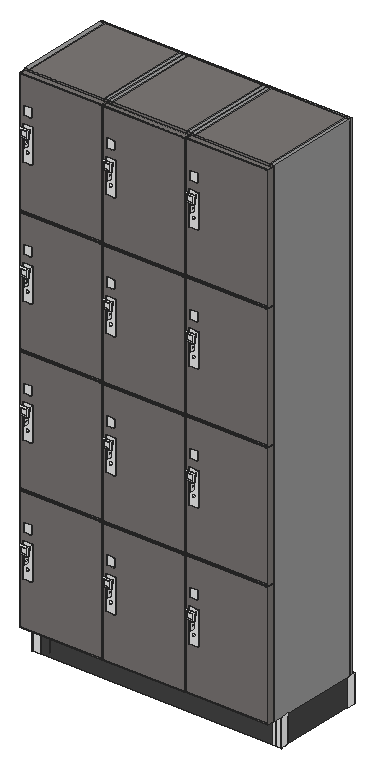
Revit family "Wood_Lockers_Hasps-Salsbury_Industries-44000_Series-3_Wide_Units.rfa", category Specialty Equipment, Revit 2016 (continued)
Definition of nested family "Premier Locker Doors_Hasp"
  Lines and regions (in)
    symbolic lines
      curve 20: line (-4.8125, 0.625, 69) -> (-4.8125, 0.625, 68.5)
      curve 21: line (-4.8125, 0.625, 68.5) -> (-4.8125, 0.375, 68.5)
      curve 22: line (-4.8125, 0.375, 3.25) -> (-4.8125, 0.625, 3.25)
      curve 23: line (-4.8125, 0.625, 3.25) -> (-4.8125, 0.625, 2.75)
      curve 24: line (-4.8125, 0.625, 2.75) -> (-4.8125, 0.375, 2.75)
      curve 25: line (-4.8125, 0.375, 36.125) -> (-4.8125, 0.625, 36.125)
      curve 26: line (-4.8125, 0.625, 36.125) -> (-4.8125, 0.625, 35.625)
      curve 27: line (-4.8125, 0.625, 35.625) -> (-4.8125, 0.375, 35.625)
      curve 28: line (-5.5625, -0.375, 71.625) -> (-4.0625, -0.375, 71.625)
      curve 29: line (-5.4375, -1.125, 38.3125) -> (-4.1875, -1.125, 38.3125)
      curve 30: arc (-4.0625, -1.125, 38.1875) -> (-4.09911, -1.125, 38.27589) -> (-4.1875, -1.125, 38.3125) r 0.125
      curve 31: arc (-5.4375, -1.125, 38.3125) -> (-5.52589, -1.125, 38.27589) -> (-5.5625, -1.125, 38.1875) r 0.125
      curve 32: line (-5.5625, -1.125, 33.5625) -> (-5.5625, -1.125, 38.1875)
      curve 33: line (-4.0625, -1.125, 38.1875) -> (-4.0625, -1.125, 33.5625)
      curve 34: arc (-4.1875, -1.125, 33.4375) -> (-4.09911, -1.125, 33.47411) -> (-4.0625, -1.125, 33.5625) r 0.125
      curve 35: arc (-5.5625, -1.125, 33.5625) -> (-5.52589, -1.125, 33.47411) -> (-5.4375, -1.125, 33.4375) r 0.125
      curve 36: line (-4.1875, -1.125, 33.4375) -> (-5.4375, -1.125, 33.4375)
      curve 37: arc (-4.6245, -1.125, 36.6245) -> (-4.8125, -1.125, 36.8125) -> (-5.0005, -1.125, 36.6245) r 0.188
      curve 38: arc (-5.0005, -1.125, 35.7505) -> (-4.8125, -1.125, 35.5625) -> (-4.6245, -1.125, 35.7505) r 0.188
      curve 39: line (-4.6245, -1.125, 36.6245) -> (-4.6245, -1.125, 35.7505)
      curve 40: line (-5.0005, -1.125, 35.7505) -> (-5.0005, -1.125, 36.6245)
      curve 41: line (-4.1875, -1.125, 36.9375) -> (-5.4375, -1.125, 36.9375)
      curve 42: line (-4.1875, -1.125, 38.1875) -> (-4.1875, -1.125, 36.9375)
      curve 43: line (-5.4375, -1.125, 36.9375) -> (-5.4375, -1.125, 38.1875)
      curve 44: line (-5.4375, -1.125, 38.1875) -> (-4.1875, -1.125, 38.1875)
      curve 45: line (-4.8755, -1.125, 36.6844) -> (-4.7495, -1.125, 36.6844)
      curve 46: line (-4.7495, -1.125, 36.6844) -> (-4.7495, -1.125, 35.6844)
      curve 47: line (-4.8755, -1.125, 35.6844) -> (-4.8755, -1.125, 36.6844)
      curve 48: line (-4.7495, -1.125, 35.6844) -> (-4.8755, -1.125, 35.6844)
      curve 49: line (-4.8125, -1, 36.6844) -> (-4.8125, -0.375, 36.6844)
      curve 50: line (-4.8125, -1, 35.6844) -> (-4.8125, -1, 36.6844)
      curve 51: line (-4.8125, -0.375, 35.6844) -> (-4.8125, -1, 35.6844)
      curve 52: arc (-4.8125, -0.91637, 36.1844) -> (-4.8125, -0.66637, 36.4344) -> (-4.8125, -0.41637, 36.1844) r 0.25
      curve 53: arc (-4.8125, -0.41637, 36.1844) -> (-4.8125, -0.66637, 35.9344) -> (-4.8125, -0.91637, 36.1844) r 0.25
      curve 54: line (-4.8125, -0.375, 37.31817) -> (-4.8125, -0.61642, 37.31817)
      curve 55: arc (-4.8125, -0.77297, 37.19215) -> (-4.8125, -0.71691, 37.28275) -> (-4.8125, -0.61642, 37.31817) r 0.16024
      curve 56: arc (-4.8125, -0.97289, 36.9375) -> (-4.8125, -0.84441, 37.04244) -> (-4.8125, -0.77297, 37.19215) r 0.37946
      curve 57: spline (-4.8125, -1.121, 37.15954) -> (-4.8125, -1.11621, 37.12873) -> (-4.8125, -1.10963, 37.09911) -> (-4.8125, -1.10135, 37.07107) -> (-4.8125, -1.09147, 37.04495) -> (-4.8125, -1.0801, 37.02108) -> (-4.8125, -1.0674, 36.99975) -> (-4.8125, -1.05352, 36.98123) -> (-4.8125, -1.03864, 36.96575) -> (-4.8125, -1.02293, 36.95351) -> (-4.8125, -1.0066, 36.94465) -> (-4.8125, -0.98985, 36.93929) -> (-4.8125, -0.97289, 36.9375)
      curve 58: line (-4.8125, -1.125, 37.15954) -> (-4.8125, -1.125, 37.96546)
      curve 59: spline (-4.8125, -1.121, 37.96546) -> (-4.8125, -1.11621, 37.99627) -> (-4.8125, -1.10963, 38.02589) -> (-4.8125, -1.10135, 38.05393) -> (-4.8125, -1.09147, 38.08005) -> (-4.8125, -1.0801, 38.10392) -> (-4.8125, -1.0674, 38.12525) -> (-4.8125, -1.05352, 38.14377) -> (-4.8125, -1.03864, 38.15925) -> (-4.8125, -1.02293, 38.17149) -> (-4.8125, -1.0066, 38.18035) -> (-4.8125, -0.98985, 38.18571) -> (-4.8125, -0.97289, 38.1875)
      curve 60: arc (-4.8125, -0.97289, 38.1875) -> (-4.8125, -0.84441, 38.08256) -> (-4.8125, -0.77297, 37.93285) r 0.37946
      curve 61: arc (-4.8125, -0.77297, 37.93285) -> (-4.8125, -0.71691, 37.84225) -> (-4.8125, -0.61642, 37.80683) r 0.16024
      curve 62: line (-4.8125, -0.61642, 37.80683) -> (-4.8125, -0.375, 37.80683)
      curve 63: line (-5.05683, -0.61642, 71.625) -> (-5.05683, -0.375, 71.625)
      curve 64: arc (-5.18285, -0.77297, 71.625) -> (-5.09225, -0.71691, 71.625) -> (-5.05683, -0.61642, 71.625) r 0.16024
      curve 65: arc (-5.4375, -0.97289, 71.625) -> (-5.33256, -0.84441, 71.625) -> (-5.18285, -0.77297, 71.625) r 0.37946
      curve 66: line (-4.40954, -1.125, 71.625) -> (-5.21546, -1.125, 71.625)
      curve 67: spline (-4.40954, -1.121, 71.625) -> (-4.37873, -1.11621, 71.625) -> (-4.34911, -1.10963, 71.625) -> (-4.32107, -1.10135, 71.625) -> (-4.29495, -1.09147, 71.625) -> (-4.27108, -1.0801, 71.625) -> (-4.24975, -1.0674, 71.625) -> (-4.23123, -1.05352, 71.625) -> (-4.21575, -1.03864, 71.625) -> (-4.20351, -1.02293, 71.625) -> (-4.19465, -1.0066, 71.625) -> (-4.18929, -0.98985, 71.625) -> (-4.1875, -0.97289, 71.625)
      curve 68: arc (-4.1875, -0.97289, 71.625) -> (-4.29244, -0.84441, 71.625) -> (-4.44215, -0.77297, 71.625) r 0.37946
      curve 69: arc (-4.44215, -0.77297, 71.625) -> (-4.53275, -0.71691, 71.625) -> (-4.56817, -0.61642, 71.625) r 0.16024
      curve 70: line (-4.56817, -0.375, 71.625) -> (-4.56817, -0.61642, 71.625)
      curve 71: spline (-5.21546, -1.121, 71.625) -> (-5.24627, -1.11621, 71.625) -> (-5.27589, -1.10963, 71.625) -> (-5.30393, -1.10135, 71.625) -> (-5.33005, -1.09147, 71.625) -> (-5.35392, -1.0801, 71.625) -> (-5.37525, -1.0674, 71.625) -> (-5.39377, -1.05352, 71.625) -> (-5.40925, -1.03864, 71.625) -> (-5.42149, -1.02293, 71.625) -> (-5.43035, -1.0066, 71.625) -> (-5.43571, -0.98985, 71.625) -> (-5.4375, -0.97289, 71.625)
    reference lines
      curve 72: line (-5.9375, 0, 71.75) -> (5.3435, 0, 71.75)
      curve 73: line (5.3435, 0, 71.75) -> (-5.9375, 0, 71.75)
  Dimensions and locks (in)
    equal spacing: plane 4 "Left Side of Door", plane 3 "Center (Left/Right)", plane 5 "Right Side of Door"
    "Width": plane 4 "Left Side of Door" to plane 5 "Right Side of Door"
    equal spacing: plane 7 "Front of Door", plane 1 "Center (Front/Back)", plane 6 "Back of Door"
    "Depth": plane 7 "Front of Door" to plane 6 "Back of Door"
    equal spacing: plane 9 "Top of Door", plane 10 "Center of Door", plane 8 "Bottom of Door"
    "Height": plane 9 "Top of Door" to plane 8 "Bottom of Door"
    equal spacing: plane 11 "Top of Number Tag", plane 16 "Center of Number Tag", plane 12 "Bottom of Number Tag"
    "Number Tag Height": plane 11 "Top of Number Tag" to plane 12 "Bottom of Number Tag"
    equal spacing: plane 14 "Right Side of Number Tag", plane 15 "Horizontal Center of Number Tag", plane 13 "Left Side of Number Tag"
    "Number Tag Width": plane 14 "Right Side of Number Tag" to plane 13 "Left Side of Number Tag"
    "Number Tag-Horizontal Offset": plane 15 "Horizontal Center of Number Tag" to plane 5 "Right Side of Door"
    "Number Tag-Vertical Offset": plane 9 "Top of Door" to plane 16 "Center of Number Tag"
    "Lock Horizontal Offset": plane 4 "Left Side of Door" to plane 17 "Left Side of Lock"
    equal spacing: plane 20 "Top of Lock", plane 19 "Lock Vertical Center", plane 21 "Bottom of Lock"
    "Lock Height": plane 20 "Top of Lock" to plane 21 "Bottom of Lock"
    "Lock Vertical Offset": plane 9 "Top of Door" to plane 19 "Lock Vertical Center"
    plane 22 "Front of Hasp Stud" to plane 7 "Front of Door" = 0.125"
    locked: plane 24 "Right Side of Door-Left Side of Trim" to plane 5 "Right Side of Door" at 0.125
    locked: plane 4 "Left Side of Door" to plane 23 "Left Side of Door-Right Side of Trim" at 0.125
    locked: plane 9 "Top of Door" to plane 25 "Top of Door-Bottom of Trim" at 0.125
    plane 26 "Bottom of Door-Top of Trim" to plane 8 "Bottom of Door" = 0.125"
    plane 28 "Melamine-Particleboard Line" to plane 6 "Back of Door" = 0.031"
    plane 7 "Front of Door" to plane 27 "Laminate-Particleboard Line" = 0.031"
    plane 27 "Laminate-Particleboard Line" to plane 29 "Back of Number Plate Inset" = 0.031"
    equal spacing: plane 18 "Right Side of Lock", plane 30 "Center of Lock", plane 17 "Left Side of Lock", locked at 0.75 each
    "Lock Width": plane 18 "Right Side of Lock" to plane 17 "Left Side of Lock"
    plane 22 "Front of Hasp Stud" to plane 31 = 0.312"
    plane 6 "Back of Door" to plane 32 "Door Stopper Plane" = 0.250"
    locked: plane 23 "Left Side of Door-Right Side of Trim" to plane 33 at 0.325
    locked: plane 25 "Top of Door-Bottom of Trim" to plane 34 at 0.325
    locked: plane 9 "Top of Door" to plane 35 "Top Hinge" at 3
    plane 36 to plane 5 "Right Side of Door" = 0.625"
    plane 6 "Back of Door" to plane 28 "Melamine-Particleboard Line" = 0.031"
    plane 9 "Top of Door" to plane 25 "Top of Door-Bottom of Trim" = 0.125"
    plane 7 "Front of Door" to plane 38 "Inner Knob" = 0.719"
    locked: plane 38 "Inner Knob" to plane 39 "Front of Knob" at 0.031
    locked: plane 40 to plane 20 "Top of Lock" at 1.125
    locked: plane 21 "Bottom of Lock" to plane 41 at 1.125
    locked: plane 20 "Top of Lock" to plane 42 at 0.125
    locked: plane 18 "Right Side of Lock" to plane 43 at 0.125
    locked: plane 44 to plane 17 "Left Side of Lock" at 0.125
    plane 42 to plane 45 = 1.250"
    locked: plane 45 to plane 46 "Top of Hole" at 0.125
    plane 48 to plane 30 "Center of Lock" to plane 47 = 0.188" locked, 0.188" locked
    locked: plane 46 "Top of Hole" to plane 49 "Bottom of Hole" at 1.25
    plane 49 "Bottom of Hole" to plane 50 "Stud Alignment" = 0.750"
    locked: plane 42 to plane 51 "Center of Handle" at 0.625
    plane 52 to plane 51 "Center of Handle" to plane 53 = 0.188" locked, 0.188" locked
    plane 7 "Front of Door" to plane 39 "Front of Knob" = 0.750"
    locked: plane 42 to plane 54 at 0.22204
    locked: plane 55 to plane 45 at 0.22204
    locked: plane 7 "Front of Door" to plane 56 "Front of Latch" at 0.625
    locked: plane 57 to plane 58 at 1
    locked: plane 46 "Top of Hole" to plane 57 at 0.1281
    equal spacing: plane 58, plane 59, plane 57
    locked: plane 60 to plane 5 "Right Side of Door" at 0.594
    locked: plane 57 to plane 61 at 0.0599
    locked: plane 62 to plane 58 at 0.06376
    plane 12 "Bottom of Number Tag" to plane 20 "Top of Lock" = 1.1875"
    aligned and locked: level to plane 2
    aligned and locked: Extrusion 5 to plane 11 "Top of Number Tag"
    aligned and locked: plane 12 "Bottom of Number Tag" to Extrusion 5
    aligned and locked: Extrusion 5 to plane 14 "Right Side of Number Tag"
    aligned and locked: Extrusion 5 to plane 13 "Left Side of Number Tag"
    aligned and locked: plane 29 "Back of Number Plate Inset" to Extrusion 5
    aligned and locked: plane 7 "Front of Door" to Extrusion 5
    aligned and locked: plane 29 "Back of Number Plate Inset" to Extrusion 6
    aligned and locked: plane 7 "Front of Door" to Extrusion 6
    aligned and locked: Extrusion 6 to plane 14 "Right Side of Number Tag"
    aligned and locked: Extrusion 6 to plane 13 "Left Side of Number Tag"
    aligned and locked: Extrusion 6 to plane 11 "Top of Number Tag"
    aligned and locked: plane 12 "Bottom of Number Tag" to Extrusion 6
    aligned and locked: curve 9 to Extrusion 8
    aligned and locked: curve 10 to Extrusion 8
    aligned and locked: curve 11 to Extrusion 8
    aligned and locked: Extrusion 7 to curve 12
    aligned and locked: curve 14 to Extrusion 7
    aligned and locked: curve 16 to plane 7 "Front of Door"
    aligned and locked: curve 19 to Extrusion 8  (x2)
    aligned and locked: curve 21 to Extrusion 8
    aligned and locked: curve 18 to curve 22
    aligned and locked: curve 22 to Extrusion 9  (x2)
    aligned and locked: curve 24 to Extrusion 9
    aligned and locked: curve 25 to Extrusion 10
    aligned and locked: curve 26 to Extrusion 10
    aligned and locked: curve 27 to Extrusion 10
    aligned and locked: plane 20 "Top of Lock" to Extrusion 11 sketch curve
    aligned and locked: Extrusion 11 sketch curve to plane 21 "Bottom of Lock"
    aligned and locked: Extrusion 11 to plane 29 "Back of Number Plate Inset"
    aligned and locked: plane 7 "Front of Door" to Extrusion 11
    aligned and locked: Extrusion 3 to Extrusion 11
    aligned and locked: plane 50 "Stud Alignment" to Sweep 14  (x2)
    aligned and locked: Extrusion 15 to plane 7 "Front of Door"
    aligned and locked: Extrusion 15 to plane 22 "Front of Hasp Stud"
    aligned and locked: plane 50 "Stud Alignment" to Extrusion 15
    aligned and locked: Blend 17 to plane 39 "Front of Knob"
    aligned and locked: plane 38 "Inner Knob" to Blend 17
    aligned and locked: plane 6 "Back of Door" to Extrusion 18 sketch curve
    aligned and locked: plane 56 "Front of Latch" to Extrusion 18 sketch curve
    aligned and locked: Extrusion 18 to plane 57
    aligned and locked: plane 58 to Extrusion 18
    aligned and locked: plane 59 to cut or joined group of Extrusion 18, Extrusion 19
    aligned and locked: plane 61 to Extrusion 13 sketch curve  (x2)
    aligned and locked: plane 62 to Extrusion 13 sketch curve  (x2)
  Automatic sketch dimensions
    Extrusion 1 sketch curve to plane 4 "Left Side of Door" = 0.031"
    plane 5 "Right Side of Door" to Extrusion 1 sketch curve = 0.031"
    level to Extrusion 1 sketch curve = 0.031"
    plane 9 "Top of Door" to Extrusion 1 sketch curve = 0.031"
    Extrusion 2 sketch curve to plane 4 "Left Side of Door" = 0.031"
    plane 5 "Right Side of Door" to Extrusion 2 sketch curve = 0.031"
    level to Extrusion 2 sketch curve = 0.031"
    plane 9 "Top of Door" to Extrusion 2 sketch curve = 0.031"
    Extrusion 3 sketch curve to plane 4 "Left Side of Door" = 0.031"
    plane 5 "Right Side of Door" to Extrusion 3 sketch curve = 0.031"
    level to Extrusion 3 sketch curve = 0.031"
    plane 9 "Top of Door" to Extrusion 3 sketch curve = 0.031"
    plane 23 "Left Side of Door-Right Side of Trim" to Sweep 4 sketch curve = 0.000"
    plane 24 "Right Side of Door-Left Side of Trim" to Sweep 4 sketch curve = 0.000"  (x2)
    Sweep 4 sketch curve to plane 26 "Bottom of Door-Top of Trim" = 0.000"
    Sweep 4 sketch curve to plane 25 "Top of Door-Bottom of Trim" = 0.000"
    profile plane to Sweep 4 sketch curve = 0.125"
    Sweep 4 sketch curve to Sweep 4 sketch curve = 0.031"
    Sweep 4 sketch curve to plane 1 "Center (Front/Back)" = 0.375"
    plane 1 "Center (Front/Back)" to Sweep 4 sketch curve = 0.375"
    Extrusion 7 sketch curve to plane 33 = 0.000"
    Extrusion 7 sketch curve to plane 34 = 0.000"
    plane 36 to Extrusion 8 sketch curve = 0.000"
    Extrusion 8 sketch curve to Extrusion 8 sketch curve = 0.500"
    plane 35 "Top Hinge" to Extrusion 8 sketch curve = 0.250"
    Extrusion 8 sketch curve to plane 35 "Top Hinge" = 0.250"
    plane 36 to Extrusion 9 sketch curve = 0.000"
    Extrusion 9 sketch curve to Extrusion 9 sketch curve = 0.500"
    plane 37 "Bottom Hinge" to Extrusion 9 sketch curve = 0.250"
    Extrusion 9 sketch curve to plane 37 "Bottom Hinge" = 0.250"
    plane 36 to Extrusion 10 sketch curve = 0.000"
    Extrusion 10 sketch curve to Extrusion 10 sketch curve = 0.500"
    curve 4 to level = 0.000"
    plane 4 "Left Side of Door" to curve 4 = 0.000"
    plane 5 "Right Side of Door" to curve 3 = 0.000"
    curve 3 to plane 9 "Top of Door" = 0.000"
    Extrusion 5 sketch curve to plane 13 "Left Side of Number Tag" = 0.000"
    Extrusion 5 sketch curve to plane 12 "Bottom of Number Tag" = 0.000"
    Extrusion 5 sketch curve to plane 11 "Top of Number Tag" = 0.000"
    Extrusion 5 sketch curve to plane 14 "Right Side of Number Tag" = 0.000"
    Extrusion 6 sketch curve to plane 13 "Left Side of Number Tag" = 0.000"
    Extrusion 6 sketch curve to plane 12 "Bottom of Number Tag" = 0.000"
    Extrusion 6 sketch curve to plane 11 "Top of Number Tag" = 0.000"
    Extrusion 6 sketch curve to plane 14 "Right Side of Number Tag" = 0.000"
    Extrusion 11 sketch curve to plane 13 "Left Side of Number Tag" = 0.125"
    Extrusion 10 sketch curve to plane 10 "Center of Door" = 0.250"
    plane 10 "Center of Door" to Extrusion 10 sketch curve = 0.250"
    Extrusion 11 sketch curve to plane 21 "Bottom of Lock" = 0.125"
    plane 13 "Left Side of Number Tag" to Extrusion 5 sketch curve = 0.14916"
    Extrusion 5 sketch curve to Extrusion 5 sketch curve = 0.14916"  (x2)
    plane 13 "Left Side of Number Tag" to Extrusion 6 sketch curve = 0.14916"
    Extrusion 6 sketch curve to plane 12 "Bottom of Number Tag" = 0.14916"
    plane 13 "Left Side of Number Tag" to Extrusion 11 sketch curve = 0.000"  (x2)
    Extrusion 5 sketch curve to plane 12 "Bottom of Number Tag" = 0.14916"
    Extrusion 6 sketch curve to plane 14 "Right Side of Number Tag" = 0.14916"  (x2)
    plane 14 "Right Side of Number Tag" to Extrusion 11 sketch curve = 0.000"  (x2)
    Extrusion 12 sketch curve to plane 17 "Left Side of Lock" = 0.000"
    plane 13 "Left Side of Number Tag" to Extrusion 12 sketch curve = 0.000"  (x2)
    plane 14 "Right Side of Number Tag" to Extrusion 12 sketch curve = 0.000"  (x2)
    Extrusion 12 sketch curve to plane 20 "Top of Lock" = 0.000"
    Extrusion 12 sketch curve to plane 18 "Right Side of Lock" = 0.000"
    Extrusion 12 sketch curve to plane 21 "Bottom of Lock" = 0.125"
    plane 15 "Horizontal Center of Number Tag" to Sweep 14 sketch curve = 0.000"
    Sweep 14 sketch curve to plane 50 "Stud Alignment" = 0.000"
    Sweep 14 sketch curve to plane 7 "Front of Door" = 0.000"
    Sweep 14 sketch curve to profile plane = 0.000"
    profile plane to Sweep 14 sketch curve = 0.00168"
    profile plane to Sweep 14 sketch curve = 0.156"
    Sweep 14 sketch curve to plane 7 "Front of Door" = 0.03275"
    Extrusion 15 sketch curve to Extrusion 15 sketch curve = 0.000"  (x2)
    Extrusion 15 sketch curve to plane 50 "Stud Alignment" = 0.000"
    plane 15 "Horizontal Center of Number Tag" to Extrusion 15 sketch curve = 0.000"
    plane 15 "Horizontal Center of Number Tag" to Extrusion 15 sketch curve = 0.010"
    plane 13 "Left Side of Number Tag" to Sweep 16 sketch curve = 0.000"
    plane 14 "Right Side of Number Tag" to Sweep 16 sketch curve = 0.000"
    Sweep 16 sketch curve to plane 45 = 0.000"
    Sweep 16 sketch curve to plane 42 = 0.000"
    Sweep 16 sketch curve to plane 7 "Front of Door" = 0.000"
    profile plane to Sweep 16 sketch curve = 0.000"
    profile plane to Sweep 16 sketch curve = 0.22043"
    Sweep 16 sketch curve to Sweep 16 sketch curve = 0.01681"
    profile plane to Sweep 16 sketch curve = 0.33926"
    Sweep 16 sketch curve to Sweep 16 sketch curve = 0.14344"
    Sweep 16 sketch curve to Sweep 16 sketch curve = 0.15329"
    Sweep 16 sketch curve to Sweep 16 sketch curve = 0.59563"
    Sweep 16 sketch curve to Sweep 16 sketch curve = 0.24142"
    Sweep 16 sketch curve to Sweep 16 sketch curve = 0.00858"
    Sweep 16 sketch curve to Sweep 16 sketch curve = 0.51788"
    Sweep 16 sketch curve to Sweep 16 sketch curve = 0.31119"
    Sweep 16 sketch curve to Sweep 16 sketch curve = 0.11721"
    Sweep 16 sketch curve to Sweep 16 sketch curve = 0.01742"
    Sweep 16 sketch curve to Sweep 16 sketch curve = 0.06553"
    Sweep 16 sketch curve to Sweep 16 sketch curve = 0.000"
    Blend 17 sketch curve to plane 54 = 0.000"
    Blend 17 sketch curve to plane 55 = 0.000"
    Blend 17 sketch curve to plane 47 = 0.21496"
    plane 48 to Blend 17 sketch curve = 0.21496"
    plane 54 to Blend 17 sketch curve = 0.03267"
    Blend 17 sketch curve to plane 40 = 0.00461"
    Blend 17 sketch curve to plane 47 = 0.18235"
    plane 48 to Blend 17 sketch curve = 0.18227"
    Extrusion 18 sketch curve to plane 57 = 0.000"
    Extrusion 18 sketch curve to plane 58 = 0.000"
    plane 59 to Extrusion 19 sketch curve = 0.000"
    Extrusion 19 sketch curve to plane 22 "Front of Hasp Stud" = 0.16637"
    curve 29 to plane 14 "Right Side of Number Tag" = 0.000"
    curve 29 to plane 20 "Top of Lock" = 0.000"
    curve 30 to plane 18 "Right Side of Lock" = 0.000"
    curve 29 to plane 13 "Left Side of Number Tag" = 0.000"
    curve 31 to plane 42 = 0.000"
    curve 32 to plane 21 "Bottom of Lock" = 0.125"
    curve 34 to plane 14 "Right Side of Number Tag" = 0.000"
    curve 35 to plane 13 "Left Side of Number Tag" = 0.000"
    plane 15 "Horizontal Center of Number Tag" to curve 37 = 0.000"
    plane 47 to curve 37 = 0.000"
    plane 57 to curve 37 = 0.0599"
    curve 39 to plane 58 = 0.0661"
    curve 42 to plane 14 "Right Side of Number Tag" = 0.000"
    curve 41 to plane 13 "Left Side of Number Tag" = 0.000"
    curve 41 to plane 45 = 0.000"
    curve 43 to plane 42 = 0.000"
    curve 46 to plane 57 = 0.000"
    curve 46 to plane 15 "Horizontal Center of Number Tag" = 0.063"
    plane 15 "Horizontal Center of Number Tag" to curve 45 = 0.063"
    curve 47 to plane 58 = 0.000"
    curve 15 to plane 6 "Back of Door" = 0.000"
    plane 9 "Top of Door" to curve 15 = 0.000"
    plane 57 to curve 49 = 0.000"
    curve 51 to plane 56 "Front of Latch" = 0.000"
    plane 58 to curve 51 = 0.000"
    curve 17 to level = 0.000"
    plane 59 to curve 52 = 0.000"
    curve 53 to plane 22 "Front of Hasp Stud" = 0.16637"
    plane 7 "Front of Door" to curve 53 = 0.04137"
    plane 53 to curve 54 = 0.05633"
    curve 54 to plane 22 "Front of Hasp Stud" = 0.11642"
    plane 55 to curve 55 = 0.00161"
    curve 55 to plane 40 = 0.00465"
    plane 45 to curve 56 = 0.000"
    curve 56 to plane 39 "Front of Knob" = 0.01788"
    curve 56 to plane 40 = 0.08926"
    plane 55 to curve 57 = 0.000"
    curve 57 to plane 40 = 0.03757"
    plane 39 "Front of Knob" to curve 57 = 0.004"
    plane 42 to curve 60 = 0.000"
    curve 58 to plane 39 "Front of Knob" = 0.000"
    plane 54 to curve 58 = 0.000"
    plane 54 to curve 59 = 0.000"
    plane 55 to curve 58 = 0.000"
    curve 60 to plane 39 "Front of Knob" = 0.01788"
    curve 60 to plane 52 = 0.09774"
    plane 54 to curve 60 = 0.03261"
    plane 56 "Front of Latch" to curve 59 = 0.02711"
    plane 54 to curve 59 = 0.06553"
    plane 39 "Front of Knob" to curve 59 = 0.004"
    curve 61 to plane 54 = 0.00161"
    curve 61 to plane 22 "Front of Hasp Stud" = 0.11642"
    plane 6 "Back of Door" to curve 9 = 0.000"
    curve 6 to plane 4 "Left Side of Door" = 0.000"
    plane 7 "Front of Door" to curve 6 = 0.000"
    plane 7 "Front of Door" to curve 28 = 0.000"
    curve 67 to plane 14 "Right Side of Number Tag" = 0.000"
    curve 65 to plane 13 "Left Side of Number Tag" = 0.000"
    curve 66 to plane 39 "Front of Knob" = 0.000"
    curve 28 to plane 17 "Left Side of Lock" = 0.000"
    curve 28 to plane 18 "Right Side of Lock" = 0.000"
    curve 8 to plane 5 "Right Side of Door" = 0.000"
    curve 64 to plane 22 "Front of Hasp Stud" = 0.11642"
    curve 69 to plane 22 "Front of Hasp Stud" = 0.11642"
    curve 68 to plane 39 "Front of Knob" = 0.01788"
    curve 65 to plane 39 "Front of Knob" = 0.01788"
    curve 14 to plane 23 "Left Side of Door-Right Side of Trim" = 0.07537"
    plane 48 to curve 64 = 0.21657"
    plane 48 to curve 65 = 0.09774"
    plane 48 to curve 63 = 0.05633"
    curve 70 to plane 47 = 0.05633"
    curve 68 to plane 47 = 0.09774"
    curve 69 to curve 69 = 0.16024"
    curve 64 to curve 65 = 0.15655"
    curve 69 to curve 68 = 0.15655"
    plane 39 "Front of Knob" to curve 67 = 0.004"
    plane 33 to curve 14 = 0.250"
    curve 66 to curve 65 = 0.11721"
    curve 67 to plane 47 = 0.14943"
    curve 68 to curve 66 = 0.11721"
    curve 67 to curve 66 = 0.000"
    plane 39 "Front of Knob" to curve 71 = 0.004"
    curve 71 to curve 66 = 0.000"
    plane 48 to curve 71 = 0.14943"
    plane 1 "Center (Front/Back)" to curve 73 = 0.000"
    curve 73 to plane 4 "Left Side of Door" = 0.000"
    curve 73 to plane 60 = 0.000"
    plane 48 to Extrusion 13 sketch curve = 0.000"
    plane 15 "Horizontal Center of Number Tag" to Extrusion 13 sketch curve = 0.000"
    radius of Extrusion 7 sketch curve = 0.250"
    radius of Sweep 14 sketch curve = 0.010"
    radius of Extrusion 19 sketch curve = 0.250"
Definition of nested family "Wood Locker Bases"
  Parameters (values of type "Base - 36" W x 15" D Lockers")
    Width = 36.000"
    Visible Base = yes
    Visible = yes
    Model = "Base - 36\" W x 15\" D Lockers"
    Manufacturer = "Salsbury Industries"
    Height = 4.000"
    Depth = 13.250"
    Base Secondary Material = none
    Base Primary Materials = none
    Base Hardware = none
  Types (14): name | Width | Visible Base | Visible | Model | Depth
    (no name) | 36.000" | yes | yes | "Base - 36\" W x 15\" D Lockers" | 13.250"
    Base - 12" W x 15" D Lockers | 12.000" | yes | no | "Base - 12\" W x 15\" D Lockers" | 13.250"
    Base - 12" W x 18" D Lockers | 12.000" | yes | no | "Base - 12\" W x 18\" D Lockers" | 16.250"
    Base - 12" W x 21" D Lockers | 12.000" | yes | no | "Base - 12\" W x 21\" D Lockers" | 19.250"
    Base - 36" W x 15" D Lockers | 36.000" | yes | yes | "Base - 36\" W x 15\" D Lockers" | 13.250"
    Base - 36" W x 18" D Lockers | 36.000" | yes | yes | "Base - 36\" W x 18\" D Lockers" | 16.250"
    Base - 36" W x 21" D Lockers | 36.000" | yes | yes | "Base - 36\" W x 21\" D Lockers" | 19.250"
    Base - 15" W x 18" D Lockers | 15.000" | yes | no | "Base - 15\" W x 18\" D Lockers" | 16.250"
    Base - 15" W x 21" D Lockers | 15.000" | yes | no | "Base - 15\" W x 21\" D Lockers" | 19.250"
    Base - 15" W x 24" D Lockers | 15.000" | yes | no | "Base - 15\" W x 24\" D Lockers" | 22.250"
    Base - 45" W x 18" D Lockers | 45.000" | yes | yes | "Base - 45\" W x 18\" D Lockers" | 16.250"
    Base - 45" W x 21" D Lockers | 45.000" | yes | yes | "Base - 45\" W x 21\" D Lockers" | 19.250"
    Base - 45" W x 24" D Lockers | 45.000" | yes | yes | "Base - 45\" W x 24\" D Lockers" | 22.250"
    None | 12.000" | no | no | "Base - 12\" W x 15\" D Lockers" | 13.250"
  Reference planes (in)
    plane 1 "Center (Front/Back)": y = 0
    plane 2: z = 0
    plane 3 "Center (Left/Right)": x = 0
    plane 4 "Left Edge": x = -18
    plane 5 "Right Edge": x = 18
    plane 6 "Back Edge": y = 6.625
    plane 7 "Front Edge": y = -6.625
    plane 8 "Bottom Edge": z = 0
    plane 9 "Top Edge": z = 4
    plane 10: x = -16.75
    plane 11: x = -16.102
    plane 12: y = 6.562
    plane 13: y = 5.8
    plane 14: x = -17.131
    plane 15: x = -17.256
    plane 16: x = -17.937
    plane 17: x = -17.175
    plane 18: y = 4.727
    plane 19: y = 5.375
    plane 20: y = 5.756
    plane 21: y = 5.881
    plane 22: x = -17.931
    plane 23: x = 17.931
    plane 24: y = 6.556
    plane 25: y = -6.556
    plane 26: y = 6.525
    plane 27: y = -6.525
    plane 28: x = -17.9
    plane 29: x = 17.9
    plane 30: x = -2.375
    plane 31: x = 2.375
  Forms (in)
    Extrusion 1, solid, material <- "Base Hardware", visible <- "Visible Base"
      sketch origin (0, 0, 0) x (1, 0, 0) y (0, 1, 0)
        loop
          arc (-17.96712, 6.625) -> (-17.99098, 6.61598) -> (-18, 6.59212) r 0.031
          line (-18, 6.59212) -> (-18, 5.4065)
          arc (-18, 5.4065) -> (-17.9685, 5.375) -> (-17.937, 5.4065) r 0.0315
          line (-17.937, 5.4065) -> (-17.937, 5.756) -> (-17.837, 5.756) -> (-17.837, 5.819) -> (-17.937, 5.819) -> (-17.937, 6.51465) -> (-17.256, 5.83365) -> (-17.256, 5.756) -> (-17.175, 5.756) -> (-17.175, 4.75833)
          arc (-17.175, 4.75833) -> (-17.14367, 4.727) -> (-17.11235, 4.75833) r 0.03133
          line (-17.11235, 4.75833) -> (-17.11235, 5.73703) -> (-16.13348, 5.73703)
          arc (-16.13348, 5.73703) -> (-16.102, 5.76852) -> (-16.13348, 5.8) r 0.03148
          line (-16.13348, 5.8) -> (-17.131, 5.8) -> (-17.131, 5.881) -> (-17.21422, 5.881) -> (-17.89522, 6.562) -> (-17.194, 6.562) -> (-17.194, 6.462) -> (-17.131, 6.462) -> (-17.131, 6.562) -> (-16.7814, 6.562)
          arc (-16.7814, 6.562) -> (-16.7499, 6.5935) -> (-16.7814, 6.625) r 0.0315
          line (-16.7814, 6.625) -> (-17.96712, 6.625)
      from 0 to 4
    Extrusion 2, solid, material <- "Base Hardware", visible <- "Visible Base"
      sketch origin (0, 0, 0) x (-1, 0, 0) y (0, -1, 0)
        loop
          line (-17.96712, -6.625) -> (-16.7814, -6.625)
          arc (-16.7814, -6.625) -> (-16.7499, -6.5935) -> (-16.7814, -6.562) r 0.0315
          line (-16.7814, -6.562) -> (-17.131, -6.562) -> (-17.131, -6.462) -> (-17.194, -6.462) -> (-17.194, -6.562) -> (-17.89522, -6.562) -> (-17.21422, -5.881) -> (-17.131, -5.881) -> (-17.131, -5.8) -> (-16.13348, -5.8)
          arc (-16.13348, -5.8) -> (-16.102, -5.76852) -> (-16.13348, -5.73703) r 0.03148
          line (-16.13348, -5.73703) -> (-17.11235, -5.73703) -> (-17.11235, -4.75833)
          arc (-17.11235, -4.75833) -> (-17.14367, -4.727) -> (-17.175, -4.75833) r 0.03133
          line (-17.175, -4.75833) -> (-17.175, -5.756) -> (-17.256, -5.756) -> (-17.256, -5.83365) -> (-17.937, -6.51465) -> (-17.937, -5.819) -> (-17.837, -5.819) -> (-17.837, -5.756) -> (-17.937, -5.756) -> (-17.937, -5.4065)
          arc (-17.937, -5.4065) -> (-17.9685, -5.375) -> (-18, -5.4065) r 0.0315
          line (-18, -5.4065) -> (-18, -6.59212)
          arc (-18, -6.59212) -> (-17.99098, -6.61598) -> (-17.96712, -6.625) r 0.031
      from 0 to 4
    Extrusion 3, solid, material <- "Base Hardware", visible <- "Visible Base"
      sketch origin (0, 0, 0) x (1, 0, 0) y (0, 1, 0)
        loop
          line (-17.96712, -6.625) -> (-16.7814, -6.625)
          arc (-16.7814, -6.625) -> (-16.7499, -6.5935) -> (-16.7814, -6.562) r 0.0315
          line (-16.7814, -6.562) -> (-17.131, -6.562) -> (-17.131, -6.462) -> (-17.194, -6.462) -> (-17.194, -6.562) -> (-17.89522, -6.562) -> (-17.21422, -5.881) -> (-17.131, -5.881) -> (-17.131, -5.8) -> (-16.13348, -5.8)
          arc (-16.13348, -5.8) -> (-16.102, -5.76852) -> (-16.13348, -5.73703) r 0.03148
          line (-16.13348, -5.73703) -> (-17.11235, -5.73703) -> (-17.11235, -4.75833)
          arc (-17.11235, -4.75833) -> (-17.14367, -4.727) -> (-17.175, -4.75833) r 0.03133
          line (-17.175, -4.75833) -> (-17.175, -5.756) -> (-17.256, -5.756) -> (-17.256, -5.83365) -> (-17.937, -6.51465) -> (-17.937, -5.819) -> (-17.837, -5.819) -> (-17.837, -5.756) -> (-17.937, -5.756) -> (-17.937, -5.4065)
          arc (-17.937, -5.4065) -> (-17.9685, -5.375) -> (-18, -5.4065) r 0.0315
          line (-18, -5.4065) -> (-18, -6.59212)
          arc (-18, -6.59212) -> (-17.99098, -6.61598) -> (-17.96712, -6.625) r 0.031
      from 0 to 4
    Extrusion 4, solid, material <- "Base Hardware", visible <- "Visible Base"
      sketch origin (0, 0, 0) x (-1, 0, 0) y (0, -1, 0)
        loop
          arc (-17.96712, 6.625) -> (-17.99098, 6.61598) -> (-18, 6.59212) r 0.031
          line (-18, 6.59212) -> (-18, 5.4065)
          arc (-18, 5.4065) -> (-17.9685, 5.375) -> (-17.937, 5.4065) r 0.0315
          line (-17.937, 5.4065) -> (-17.937, 5.756) -> (-17.837, 5.756) -> (-17.837, 5.819) -> (-17.937, 5.819) -> (-17.937, 6.51465) -> (-17.256, 5.83365) -> (-17.256, 5.756) -> (-17.175, 5.756) -> (-17.175, 4.75833)
          arc (-17.175, 4.75833) -> (-17.14367, 4.727) -> (-17.11235, 4.75833) r 0.03133
          line (-17.11235, 4.75833) -> (-17.11235, 5.73703) -> (-16.13348, 5.73703)
          arc (-16.13348, 5.73703) -> (-16.102, 5.76852) -> (-16.13348, 5.8) r 0.03148
          line (-16.13348, 5.8) -> (-17.131, 5.8) -> (-17.131, 5.881) -> (-17.21422, 5.881) -> (-17.89522, 6.562) -> (-17.194, 6.562) -> (-17.194, 6.462) -> (-17.131, 6.462) -> (-17.131, 6.562) -> (-16.7814, 6.562)
          arc (-16.7814, 6.562) -> (-16.7499, 6.5935) -> (-16.7814, 6.625) r 0.0315
          line (-16.7814, 6.625) -> (-17.96712, 6.625)
      from 0 to 4
    Extrusion 5, solid, material <- "Base Secondary Material", visible <- "Visible Base"
      sketch origin (0, 0, 0) x (0, -1, 0) y (1, 0, 0)
        loop
          line (-5.756, 17.9) -> (-5.756, 17.181) -> (5.75697, 17.181) -> (5.75697, 17.9) -> (-5.756, 17.9)
      from 0 to 4
    Extrusion 6, solid, material <- "Base Secondary Material", visible <- "Visible Base"
      sketch origin (0, 0, 0) x (0, -1, 0) y (1, 0, 0)
        loop
          line (-5.756, -17.9) -> (5.75697, -17.9) -> (5.75697, -17.181) -> (-5.756, -17.181) -> (-5.756, -17.9)
      from 0 to 4
    Extrusion 7, solid, material <- "Base Secondary Material", visible <- "Visible Base"
      sketch origin (-2.05521, 0.625, 0) x (1, 0, 0) y (0, 1, 0)
        loop
          line (-15.07579, 5.9) -> (-15.07579, 5.181) -> (19.18621, 5.181) -> (19.18621, 5.9) -> (-15.07579, 5.9)
      from 0 to 4
    Extrusion 8, solid, material <- "Base Secondary Material", visible <- "Visible Base"
      sketch origin (-2.05521, -0.625, 0) x (1, 0, 0) y (0, 1, 0)
        loop
          line (-15.07579, -5.9) -> (19.18621, -5.9) -> (19.18621, -5.181) -> (-15.07579, -5.181) -> (-15.07579, -5.9)
      from 0 to 4
    Extrusion 9, solid, material <- "Base Primary Materials", visible <- "Visible Base"
      sketch origin (0.76452, 0, 0) x (0, -1, 0) y (1, 0, 0)
        loop
          line (-5.756, 17.16648) -> (-5.756, 17.13548) -> (5.75697, 17.13548) -> (5.75697, 17.16648) -> (-5.756, 17.16648)
      from 0 to 4
    Extrusion 10, solid, material <- "Base Primary Materials", visible <- "Visible Base"
      sketch origin (-0.719, 0, 0) x (0, -1, 0) y (1, 0, 0)
        loop
          line (-5.756, -17.212) -> (5.75697, -17.212) -> (5.75697, -17.181) -> (-5.756, -17.181) -> (-5.756, -17.212)
      from 0 to 4
    Extrusion 11, solid, material <- "Base Primary Materials", visible <- "Visible Base"
      sketch origin (-2.05521, 1.344, 0) x (1, 0, 0) y (0, 1, 0)
        loop
          line (-15.07579, 5.218) -> (-15.07579, 5.181) -> (19.18621, 5.181) -> (19.18621, 5.218) -> (-15.07579, 5.218)
      from 0 to 4
    Extrusion 12, solid, material <- "Base Primary Materials", visible <- "Visible Base"
      sketch origin (-2.05521, -1.344, 0) x (1, 0, 0) y (0, 1, 0)
        loop
          line (-15.07579, -5.212) -> (19.18621, -5.212) -> (19.18621, -5.181) -> (-15.07579, -5.181) -> (-15.07579, -5.212)
      from 0 to 4
    Extrusion 13, solid, material <- "Base Secondary Material", visible <- "Visible"
      sketch origin (0, 0, 4) x (0, -1, 0) y (1, 0, 0)
        loop
          line (-5.806, -2.375) -> (5.806, -2.375) -> (5.806, 2.375) -> (-5.806, 2.375) -> (-5.806, -2.375)
      from 0 to -0.75
    Extrusion 14, solid, material <- "Base Secondary Material", visible <- "Visible"
      sketch origin (0, 0, 0) x (0, -1, 0) y (1, 0, 0)
        loop
          line (-5.806, -2.375) -> (-5.056, -2.375) -> (-5.056, 2.375) -> (-5.806, 2.375) -> (-5.806, -2.375)
      from 0 to 3.25
    Extrusion 15, solid, material <- "Base Secondary Material", visible <- "Visible"
      sketch origin (0, 0, 0) x (0, 1, 0) y (-1, 0, 0)
        loop
          line (-5.806, 2.375) -> (-5.806, -2.375) -> (-5.056, -2.375) -> (-5.056, 2.375) -> (-5.806, 2.375)
      from 0 to 3.25
  Dimensions and locks (in)
    equal spacing: plane 4 "Left Edge", plane 3 "Center (Left/Right)", plane 5 "Right Edge"
    "Width": plane 4 "Left Edge" to plane 5 "Right Edge"
    equal spacing: plane 7 "Front Edge", plane 1 "Center (Front/Back)", plane 6 "Back Edge"
    "Depth": plane 7 "Front Edge" to plane 6 "Back Edge"
    "Height": plane 9 "Top Edge" to plane 8 "Bottom Edge"
    locked: plane 4 "Left Edge" to plane 10 at 1.25
    locked: plane 4 "Left Edge" to plane 11 at 1.898
    locked: plane 12 to plane 6 "Back Edge" at 0.063
    plane 14 to plane 10 = 0.381"
    locked: plane 12 to plane 13 at 0.762
    locked: plane 4 "Left Edge" to plane 16 at 0.063
    locked: plane 16 to plane 17 at 0.762
    locked: plane 19 to plane 6 "Back Edge" at 1.25
    locked: plane 18 to plane 6 "Back Edge" at 1.898
    plane 15 to plane 17 = 0.081"
    plane 21 to plane 13 = 0.081"
    plane 19 to plane 20 = 0.381"
    plane 24 to plane 6 "Back Edge" = 0.069"
    plane 7 "Front Edge" to plane 25 = 0.069"
    plane 23 to plane 5 "Right Edge" = 0.069"
    plane 4 "Left Edge" to plane 22 = 0.069"
    plane 26 to plane 24 = 0.031"
    plane 25 to plane 27 = 0.031"
    plane 22 to plane 28 = 0.031"
    plane 29 to plane 23 = 0.031"
    plane 30 to plane 3 "Center (Left/Right)" to plane 31 = 2.375" locked, 2.375" locked
    aligned and locked: level to plane 2
    aligned and locked: plane 30 to Extrusion 13
    aligned and locked: plane 30 to Extrusion 14
    aligned and locked: plane 30 to Extrusion 15
    aligned and locked: Extrusion 13 to plane 31
    aligned and locked: Extrusion 14 to plane 31
    aligned and locked: Extrusion 15 to plane 31
  Automatic sketch dimensions
    Extrusion 1 sketch curve to plane 4 "Left Edge" = 0.000"
    plane 6 "Back Edge" to Extrusion 1 sketch curve = 0.000"
    Extrusion 1 sketch curve to plane 16 = 0.000"  (x2)
    Extrusion 1 sketch curve to plane 12 = 0.000"  (x2)
    plane 20 to Extrusion 1 sketch curve = 0.000"  (x2)
    Extrusion 1 sketch curve to plane 15 = 0.000"
    plane 21 to Extrusion 1 sketch curve = 0.000"
    Extrusion 1 sketch curve to plane 17 = 0.000"
    Extrusion 1 sketch curve to plane 14 = 0.000"  (x2)
    Extrusion 1 sketch curve to plane 13 = 0.000"
    Extrusion 1 sketch curve to plane 4 "Left Edge" = 0.03094"
    plane 16 to Extrusion 1 sketch curve = 0.03012"
    Extrusion 1 sketch curve to plane 28 = 0.00478"
    Extrusion 1 sketch curve to plane 28 = 0.063"
    plane 17 to Extrusion 1 sketch curve = 0.03922"
    plane 17 to Extrusion 1 sketch curve = 0.019"
    plane 14 to Extrusion 1 sketch curve = 0.01267"
    plane 10 to Extrusion 1 sketch curve = 0.0314"
    plane 11 to Extrusion 1 sketch curve = 0.03148"
    plane 20 to Extrusion 1 sketch curve = 0.01897"
    Extrusion 1 sketch curve to plane 19 = 0.0315"
    Extrusion 1 sketch curve to plane 18 = 0.03133"
    plane 13 to Extrusion 1 sketch curve = 0.019"
    plane 13 to Extrusion 1 sketch curve = 0.03365"
    plane 26 to Extrusion 1 sketch curve = 0.063"
    plane 26 to Extrusion 1 sketch curve = 0.01035"
    plane 12 to Extrusion 1 sketch curve = 0.03012"
    Extrusion 2 sketch curve to plane 5 "Right Edge" = 0.000"
    plane 6 "Back Edge" to Extrusion 2 sketch curve = 0.000"
    plane 20 to Extrusion 2 sketch curve = 0.000"  (x2)
    plane 12 to Extrusion 2 sketch curve = 0.000"  (x2)
    plane 21 to Extrusion 2 sketch curve = 0.000"
    plane 13 to Extrusion 2 sketch curve = 0.000"
    Extrusion 2 sketch curve to plane 5 "Right Edge" = 0.03094"
    Extrusion 2 sketch curve to Extrusion 2 sketch curve = 0.0315"
    Extrusion 2 sketch curve to Extrusion 2 sketch curve = 0.00194"
    plane 23 to Extrusion 2 sketch curve = 0.006"
    Extrusion 2 sketch curve to plane 29 = 0.00478"
    Extrusion 2 sketch curve to plane 29 = 0.063"
    Extrusion 2 sketch curve to plane 13 = 0.03365"
    Extrusion 2 sketch curve to Extrusion 2 sketch curve = 0.581"
    Extrusion 2 sketch curve to Extrusion 2 sketch curve = 0.04178"
    Extrusion 2 sketch curve to plane 26 = 0.063"
    Extrusion 2 sketch curve to Extrusion 2 sketch curve = 0.02022"
    plane 18 to Extrusion 2 sketch curve = 0.03133"
    Extrusion 2 sketch curve to plane 29 = 0.725"
    Extrusion 2 sketch curve to Extrusion 2 sketch curve = 0.03133"
    Extrusion 2 sketch curve to Extrusion 2 sketch curve = 0.063"
    Extrusion 2 sketch curve to Extrusion 2 sketch curve = 0.08322"
    Extrusion 2 sketch curve to Extrusion 2 sketch curve = 0.3496"
    Extrusion 2 sketch curve to Extrusion 2 sketch curve = 0.97886"
    plane 19 to Extrusion 2 sketch curve = 0.0315"
    Extrusion 2 sketch curve to plane 20 = 0.01897"
    Extrusion 2 sketch curve to plane 13 = 0.019"
    Extrusion 2 sketch curve to plane 26 = 0.01035"
    Extrusion 2 sketch curve to plane 12 = 0.03012"
    Extrusion 3 sketch curve to plane 4 "Left Edge" = 0.000"
    plane 7 "Front Edge" to Extrusion 3 sketch curve = 0.000"
    Extrusion 3 sketch curve to plane 16 = 0.000"  (x2)
    Extrusion 3 sketch curve to plane 15 = 0.000"
    Extrusion 3 sketch curve to plane 17 = 0.000"
    Extrusion 3 sketch curve to plane 14 = 0.000"  (x2)
    plane 4 "Left Edge" to Extrusion 3 sketch curve = 0.03094"
    Extrusion 3 sketch curve to plane 16 = 0.03012"
    plane 28 to Extrusion 3 sketch curve = 0.00478"
    plane 28 to Extrusion 3 sketch curve = 0.063"
    Extrusion 3 sketch curve to plane 17 = 0.03922"
    Extrusion 3 sketch curve to plane 17 = 0.019"
    Extrusion 3 sketch curve to plane 14 = 0.01267"
    Extrusion 3 sketch curve to plane 25 = 0.006"  (x2)
    Extrusion 3 sketch curve to plane 10 = 0.0314"
    Extrusion 3 sketch curve to plane 11 = 0.03148"
    plane 27 to Extrusion 3 sketch curve = 0.01035"
    plane 27 to Extrusion 3 sketch curve = 0.063"
    Extrusion 3 sketch curve to Extrusion 3 sketch curve = 0.581"
    Extrusion 3 sketch curve to Extrusion 3 sketch curve = 0.04735"
    Extrusion 3 sketch curve to Extrusion 3 sketch curve = 0.01465"
    Extrusion 3 sketch curve to Extrusion 3 sketch curve = 0.081"
    Extrusion 3 sketch curve to Extrusion 3 sketch curve = 0.03148"
    Extrusion 3 sketch curve to Extrusion 3 sketch curve = 0.044"
    Extrusion 3 sketch curve to Extrusion 3 sketch curve = 0.063"
    Extrusion 3 sketch curve to Extrusion 3 sketch curve = 0.3495"
    Extrusion 3 sketch curve to Extrusion 3 sketch curve = 0.97871"
    plane 7 "Front Edge" to Extrusion 3 sketch curve = 0.03288"
    Extrusion 4 sketch curve to plane 5 "Right Edge" = 0.000"
    plane 7 "Front Edge" to Extrusion 4 sketch curve = 0.000"
    plane 5 "Right Edge" to Extrusion 4 sketch curve = 0.03094"
    Extrusion 4 sketch curve to Extrusion 4 sketch curve = 0.0315"
    Extrusion 4 sketch curve to Extrusion 4 sketch curve = 0.00194"
    Extrusion 4 sketch curve to plane 23 = 0.006"
    plane 29 to Extrusion 4 sketch curve = 0.00478"
    plane 29 to Extrusion 4 sketch curve = 0.063"
    Extrusion 4 sketch curve to Extrusion 4 sketch curve = 0.581"
    Extrusion 4 sketch curve to Extrusion 4 sketch curve = 0.04178"
    Extrusion 4 sketch curve to plane 27 = 0.063"
    Extrusion 4 sketch curve to Extrusion 4 sketch curve = 0.02022"
    plane 29 to Extrusion 4 sketch curve = 0.725"
    Extrusion 4 sketch curve to Extrusion 4 sketch curve = 0.03133"
    Extrusion 4 sketch curve to Extrusion 4 sketch curve = 0.063"  (x2)
    Extrusion 4 sketch curve to Extrusion 4 sketch curve = 0.08322"
    plane 25 to Extrusion 4 sketch curve = 0.006"  (x2)
    Extrusion 4 sketch curve to Extrusion 4 sketch curve = 0.3496"
    Extrusion 4 sketch curve to plane 27 = 0.725"
    Extrusion 4 sketch curve to Extrusion 4 sketch curve = 0.97886"
    Extrusion 4 sketch curve to Extrusion 4 sketch curve = 0.03148"
    Extrusion 4 sketch curve to Extrusion 4 sketch curve = 0.044"
    Extrusion 4 sketch curve to Extrusion 4 sketch curve = 0.000"
    Extrusion 4 sketch curve to Extrusion 4 sketch curve = 0.3495"
    Extrusion 4 sketch curve to Extrusion 4 sketch curve = 0.97871"
    Extrusion 4 sketch curve to Extrusion 4 sketch curve = 0.07765"
    Extrusion 4 sketch curve to Extrusion 4 sketch curve = 0.081"
    Extrusion 4 sketch curve to plane 27 = 0.01035"
    Extrusion 4 sketch curve to plane 7 "Front Edge" = 0.03288"
    plane 20 to Extrusion 5 sketch curve = 0.000"
    Extrusion 5 sketch curve to plane 29 = 0.000"
    Extrusion 5 sketch curve to plane 27 = 0.76803"
    plane 29 to Extrusion 5 sketch curve = 0.719"
    plane 20 to Extrusion 6 sketch curve = 0.000"
    Extrusion 6 sketch curve to plane 28 = 0.000"
    plane 27 to Extrusion 6 sketch curve = 0.76803"
    Extrusion 6 sketch curve to plane 17 = 0.006"
    Extrusion 7 sketch curve to plane 14 = 0.000"
    plane 26 to Extrusion 7 sketch curve = 0.000"
    plane 29 to Extrusion 7 sketch curve = 0.769"
    plane 13 to Extrusion 7 sketch curve = 0.006"
    Extrusion 8 sketch curve to plane 14 = 0.000"
    plane 27 to Extrusion 8 sketch curve = 0.000"
    Extrusion 8 sketch curve to plane 29 = 0.769"
    plane 27 to Extrusion 8 sketch curve = 0.719"
    plane 20 to Extrusion 9 sketch curve = 0.000"
    Extrusion 9 sketch curve to plane 23 = 0.000"
    Extrusion 9 sketch curve to plane 29 = 0.000"
    Extrusion 9 sketch curve to plane 27 = 0.76803"
    plane 20 to Extrusion 10 sketch curve = 0.000"
    Extrusion 10 sketch curve to plane 22 = 0.000"
    Extrusion 10 sketch curve to plane 28 = 0.000"
    plane 27 to Extrusion 10 sketch curve = 0.76803"
    Extrusion 11 sketch curve to plane 14 = 0.000"
    plane 12 to Extrusion 11 sketch curve = 0.000"
    plane 26 to Extrusion 11 sketch curve = 0.000"
    plane 29 to Extrusion 11 sketch curve = 0.769"
    Extrusion 12 sketch curve to plane 14 = 0.000"
    plane 25 to Extrusion 12 sketch curve = 0.000"
    plane 27 to Extrusion 12 sketch curve = 0.000"
    Extrusion 12 sketch curve to plane 29 = 0.769"
    plane 13 to Extrusion 13 sketch curve = 0.006"
    Extrusion 13 sketch curve to plane 27 = 0.719"
    Extrusion 13 sketch curve to plane 11 = 13.727"
    plane 3 "Center (Left/Right)" to Extrusion 13 sketch curve = 2.375"
    plane 13 to Extrusion 14 sketch curve = 0.006"
    plane 19 to Extrusion 14 sketch curve = 0.319"
    Extrusion 14 sketch curve to plane 11 = 13.727"
    plane 3 "Center (Left/Right)" to Extrusion 14 sketch curve = 2.375"
    plane 27 to Extrusion 15 sketch curve = 0.719"
    Extrusion 15 sketch curve to Extrusion 15 sketch curve = 0.750"
    plane 11 to Extrusion 15 sketch curve = 13.727"
    Extrusion 15 sketch curve to plane 3 "Center (Left/Right)" = 2.375"
Definition of nested family "Wood Locker Sloping Corner Fillers"
  Parameters (values of type "44487 - for 15" D Lockers")
    Width = 16.875"
    Visible = yes
    Version = "1.0 (12/15/23)"
    Type Comments = "Sloping Hood Corner Filler for Premier Wood Lockers"
    Model = "44487"
    Manufacturer = "Salsbury Industries"
    Laminate Surface = none
    Height = 5.743"
    Description = "For 15\" D Lockers"
    Depth = 16.875"
  Types (6): name | Width | Visible | Version | Type Comments | Model | Manufacturer | Height | Description | Depth
    (no name) | 16.875" | yes | "1.0 (12/15/23)" | "Sloping Hood Corner Filler for Premier Wood Lockers" | "44487" | "Salsbury Industries" | 5.743" | "For 15\" D Lockers" | 16.875"
    44487 - for 15" D Lockers | 16.875" | yes | "1.0 (12/15/23)" | "Sloping Hood Corner Filler for Premier Wood Lockers" | "44487" | "Salsbury Industries" | 5.743" | "For 15\" D Lockers" | 16.875"
    44488 - for 18" D Lockers | 19.875" | yes | "1.0 (12/15/23)" | "Sloping Hood Corner Filler for Premier Wood Lockers" | "44488" | "Salsbury Industries" | 6.868" | "For 18\" D Lockers" | 19.875"
    44481- for 21" D Lockers | 22.875" | yes | "1.0 (12/15/23)" | "Sloping Hood Corner Filler for Premier Wood Lockers" | "44481" | "Salsbury Industries" | 7.993" | "For 21\" D Lockers" | 22.875"
    44489- for 24" D Lockers | 25.875" | yes | "1.0 (12/15/23)" | "Sloping Hood Corner Filler for Premier Wood Lockers" | "44489" | "Salsbury Industries" | 9.118" | "For 24\" D Lockers" | 25.875"
    None | 16.875" | no | "" | "" | "" | "" | 5.743" | "" | 16.875"
  Reference planes (in)
    plane 1 "Center (Front/Back)": y = -0.8125
    plane 2: z = 0
    plane 3 "Center (Left/Right)": x = 0.8125
    plane 4 "Front of Hood": y = -7
    plane 5 "Right Side of Hood": x = 7
    plane 6 "Bottom of Hood": z = 0
    plane 7 "Black Trim Line": y = -6.969
    plane 8: z = 0.062
    plane 9: z = 0.75
    plane 10 "New Back of Hood": y = 7.625
    plane 11 "New Front of Hood": y = -9.25
    plane 12 "New Left Side": x = -7.625
    plane 13 "New Right Side": x = 9.25
    plane 14 "Top": z = 5.743
    plane 15: x = 6.969
  Forms (in)
    Extrusion 1, solid, visible <- "Visible"
      sketch origin (0.8125, 0, 0) x (0, 1, 0) y (0, 0, 1)
        loop
          line (-5.16023, 0) -> (7.625, 4.99437) -> (7.625, 5.712) -> (-6.92019, 0.062) -> (-6.969, 0.062) -> (-6.969, 0) -> (-5.16023, 0)
      from -8.4375 to 8.4375
    Extrusion 2, solid, material <- "Laminate Surface", visible <- "Visible"
      sketch origin (0.8125, 0, 0.00023) x (0, 1, 0) y (0, 0, 1)
        loop
          line (7.625, 5.74277) -> (-7, 0.06177) -> (-6.92019, 0.06177) -> (7.625, 5.71177) -> (7.625, 5.74277)
      from -8.4375 to 8.4375
    Extrusion 3, void
      sketch origin (0, 0, 0) x (0, -1, 0) y (1, 0, 0)
        loop
          line (7, 7) -> (-7.625, -7.625) -> (7, -7.625) -> (7, 7)
      from 0 to 5.743
    Extrusion 4, solid, material <- "Laminate Surface", visible <- "Visible"
      sketch origin (9.25, 0, 0) x (0, -1, 0) y (0, 0, 1)
        loop
          line (7, 0) -> (7, 0.062) -> (6.969, 0.062) -> (6.969, 0) -> (7, 0)
      from 0 to 2.25
    Extrusion 5, solid, visible <- "Visible"
      sketch origin (-1.125, -0.8125, 0) x (1, 0, 0) y (0, 0, 1)
        loop
          line (6.28523, 0) -> (8.094, 0) -> (8.094, 0.062) -> (8.04519, 0.062) -> (-6.5, 5.712) -> (-6.5, 4.99437) -> (6.28523, 0)
      from -8.4375 to 8.4375
    Extrusion 6, solid, material <- "Laminate Surface", visible <- "Visible"
      sketch origin (-1.125, -0.8125, 0) x (1, 0, 0) y (0, 0, 1)
        loop
          line (-6.5, 5.743) -> (-6.5, 5.712) -> (8.04519, 0.062) -> (8.125, 0.062) -> (-6.5, 5.743)
      from -8.4375 to 8.4375
    Extrusion 7, solid, material <- "Laminate Surface", visible <- "Visible"
      sketch origin (0, -7, 0) x (1, 0, 0) y (0, 0, 1)
        loop
          line (7, 0) -> (7, 0.062) -> (6.969, 0.062) -> (6.969, 0) -> (7, 0)
      from 0 to 2.25
    Extrusion 8, void
      sketch origin (9.25, 0, 0) x (0, -1, 0) y (0, 0, 1)
        loop
          line (-7.625, 0) -> (5.16023, 0) -> (-7.625, 4.99437) -> (-7.625, 0)
      from 0 to 16.875
  Cuts and joins
    Extrusion 3, Extrusion 8 cuts Extrusion 1
    Extrusion 3 cuts Extrusion 2
    Extrusion 8 cuts Extrusion 5
    Extrusion 8 cuts Extrusion 6
  Dimensions and locks (in)
    locked: plane 4 "Front of Hood" to plane 7 "Black Trim Line" at 0.031
    locked: plane 8 to plane 6 "Bottom of Hood" at 0.062
    locked: plane 9 to plane 6 "Bottom of Hood" at 0.75
    "Height": plane 14 "Top" to plane 6 "Bottom of Hood"
    "Width": plane 12 "New Left Side" to plane 13 "New Right Side"
    "Depth": plane 11 "New Front of Hood" to plane 10 "New Back of Hood"
    equal spacing: plane 12 "New Left Side", plane 3 "Center (Left/Right)", plane 13 "New Right Side"
    equal spacing: plane 11 "New Front of Hood", plane 1 "Center (Front/Back)", plane 10 "New Back of Hood"
    locked: plane 5 "Right Side of Hood" to plane 13 "New Right Side" at 2.25
    locked: plane 11 "New Front of Hood" to plane 4 "Front of Hood" at 2.25
    locked: plane 15 to plane 5 "Right Side of Hood" at 0.031
    aligned and locked: level to plane 2
    aligned and locked: plane 12 "New Left Side" to Extrusion 3
    aligned and locked: Extrusion 2 to plane 13 "New Right Side"
    aligned and locked: plane 12 "New Left Side" to cut or joined group of Extrusion 2, Extrusion 3
    aligned and locked: cut or joined group of Extrusion 2, Extrusion 3 to plane 10 "New Back of Hood"
    aligned and locked: plane 12 "New Left Side" to cut or joined group of Extrusion 1, Extrusion 3, Extrusion 8
    aligned and locked: cut or joined group of Extrusion 1, Extrusion 3, Extrusion 8 to plane 13 "New Right Side"
    aligned and locked: cut or joined group of Extrusion 1, Extrusion 3, Extrusion 8 to plane 10 "New Back of Hood"  (x2)
    aligned and locked: plane 4 "Front of Hood" to cut or joined group of Extrusion 2, Extrusion 3
    aligned and locked: Extrusion 3 to cut or joined group of Extrusion 2, Extrusion 3
    aligned and locked: plane 13 "New Right Side" to cut or joined group of Extrusion 1, Extrusion 3, Extrusion 8
    aligned and locked: plane 5 "Right Side of Hood" to Extrusion 4
    aligned and locked: Extrusion 8 to Extrusion 1  (x2)
    aligned and locked: Extrusion 1 to Extrusion 8
    aligned and locked: cut or joined group of Extrusion 1, Extrusion 3, Extrusion 8 to Extrusion 6
    aligned and locked: plane 11 "New Front of Hood" to Extrusion 6
    aligned and locked: plane 12 "New Left Side" to Extrusion 6
    aligned and locked: plane 11 "New Front of Hood" to Extrusion 5
    aligned and locked: plane 12 "New Left Side" to Extrusion 5
    aligned and locked: cut or joined group of Extrusion 1, Extrusion 3, Extrusion 8 to Extrusion 5
  Automatic sketch dimensions
    Extrusion 1 sketch curve to level = 0.000"
    Extrusion 1 sketch curve to plane 7 "Black Trim Line" = 0.000"
    plane 8 to Extrusion 1 sketch curve = 0.000"
    Extrusion 1 sketch curve to plane 10 "New Back of Hood" = 0.000"
    Extrusion 1 sketch curve to Extrusion 1 sketch curve = 0.04881"
    Extrusion 1 sketch curve to Extrusion 1 sketch curve = 1.75996"
    plane 14 "Top" to Extrusion 1 sketch curve = 0.74863"
    plane 14 "Top" to Extrusion 1 sketch curve = 0.031"
    Extrusion 2 sketch curve to plane 4 "Front of Hood" = 0.000"
    plane 8 to Extrusion 2 sketch curve = 0.000"
    Extrusion 2 sketch curve to plane 10 "New Back of Hood" = 0.000"
    plane 14 "Top" to Extrusion 2 sketch curve = 0.000"
    Extrusion 2 sketch curve to plane 7 "Black Trim Line" = 0.04881"
    plane 14 "Top" to Extrusion 2 sketch curve = 0.031"
    plane 10 "New Back of Hood" to Extrusion 3 sketch curve = 0.000"
    plane 4 "Front of Hood" to Extrusion 3 sketch curve = 0.000"
    Extrusion 3 sketch curve to plane 12 "New Left Side" = 0.000"
    Extrusion 3 sketch curve to plane 5 "Right Side of Hood" = 0.000"
    Extrusion 4 sketch curve to level = 0.000"
    Extrusion 4 sketch curve to plane 7 "Black Trim Line" = 0.000"
    Extrusion 4 sketch curve to plane 4 "Front of Hood" = 0.000"
    plane 8 to Extrusion 4 sketch curve = 0.000"
    Extrusion 5 sketch curve to level = 0.000"
    Extrusion 5 sketch curve to plane 8 = 0.000"
    plane 14 "Top" to Extrusion 5 sketch curve = 0.031"
    Extrusion 5 sketch curve to plane 12 "New Left Side" = 0.000"
    plane 5 "Right Side of Hood" to Extrusion 5 sketch curve = 1.83977"
    plane 5 "Right Side of Hood" to Extrusion 5 sketch curve = 0.07981"
    Extrusion 5 sketch curve to Extrusion 5 sketch curve = 0.04881"
    Extrusion 5 sketch curve to Extrusion 5 sketch curve = 0.71763"
    plane 14 "Top" to Extrusion 6 sketch curve = 0.000"
    Extrusion 6 sketch curve to plane 8 = 0.000"
    Extrusion 6 sketch curve to plane 12 "New Left Side" = 0.000"
    plane 5 "Right Side of Hood" to Extrusion 6 sketch curve = 0.07981"
    Extrusion 6 sketch curve to Extrusion 6 sketch curve = 0.07981"
    plane 14 "Top" to Extrusion 6 sketch curve = 0.031"
    Extrusion 7 sketch curve to level = 0.000"
    plane 15 to Extrusion 7 sketch curve = 0.000"
    plane 5 "Right Side of Hood" to Extrusion 7 sketch curve = 0.000"
    Extrusion 7 sketch curve to plane 8 = 0.000"
    Extrusion 8 sketch curve to plane 10 "New Back of Hood" = 0.000"
    Extrusion 8 sketch curve to level = 0.000"
    Extrusion 8 sketch curve to plane 7 "Black Trim Line" = 1.80877"
    plane 14 "Top" to Extrusion 8 sketch curve = 0.74863"
Definition of nested family "Wood Locker Flat Corner Fillers"
  Parameters (values of type "44437 - for 15" D Lockers")
    Width = 16.875"
    Visible = yes
    Version = "1.0 (12/15/23)"
    Type Comments = "Flat Top Corner Filler for Premier Wood Lockers"
    Model = "44437"
    Manufacturer = "Salsbury Industries"
    Laminate Surface = none
    Height = 0.750"
    Description = "For 15\" D Lockers"
    Depth = 16.875"
  Types (6): name | Width | Visible | Version | Type Comments | Model | Manufacturer | Description | Depth
    (no name) | 16.875" | yes | "1.0 (12/15/23)" | "Flat Top Corner Filler for Premier Wood Lockers" | "44437" | "Salsbury Industries" | "For 15\" D Lockers" | 16.875"
    44437 - for 15" D Lockers | 16.875" | yes | "1.0 (12/15/23)" | "Flat Top Corner Filler for Premier Wood Lockers" | "44437" | "Salsbury Industries" | "For 15\" D Lockers" | 16.875"
    None | 15.000" | no | "" | "" | "" | "" | "" | 13.250"
    44438 - for 18" D Lockers | 19.875" | yes | "1.0 (12/15/23)" | "Flat Top Corner Filler for Premier Wood Lockers" | "44438" | "Salsbury Industries" | "For 18\" D Lockers" | 19.875"
    44431 - for 21" D Lockers | 22.875" | yes | "1.0 (12/15/23)" | "Flat Top Corner Filler for Premier Wood Lockers" | "44431" | "Salsbury Industries" | "For 21\" D Lockers" | 22.875"
    44439 - for 24" D Lockers | 25.875" | yes | "1.0 (12/15/23)" | "Flat Top Corner Filler for Premier Wood Lockers" | "44439" | "Salsbury Industries" | "For 24\" D Lockers" | 25.875"
  Reference planes (in)
    plane 1 "Center (Front/Back)": y = 0
    plane 2: z = 0
